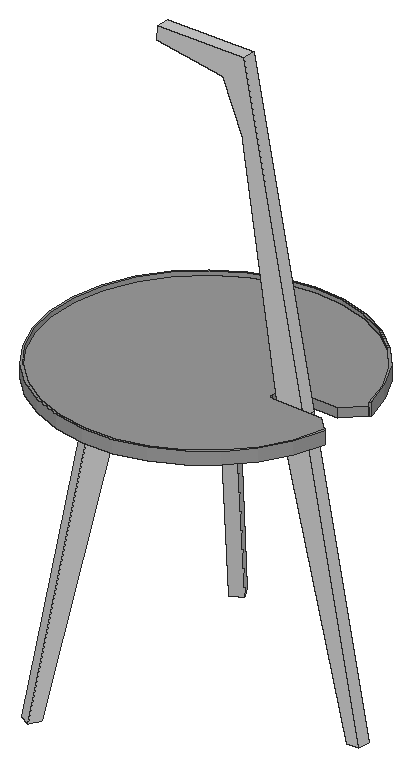
Revit family "Haworth_Cicognino_OccasionalTable_PRELIMINARY", category Furniture, Revit 2018
Family settings
  OmniClass Number = 23.40.70.14.64.21
  OmniClass Title = Systems Furniture
  Work Plane-Based = No
  Always vertical = Yes
  Cut with Voids When Loaded = No
  Shared = No
  Room Calculation Point = No
Parameters (values of type "Cicognino Occasional Table")
  Warranty = "http://www.haworth.com/resources/product-info/warranties"
  URL - Product = "https://www.haworth.com/na/en/products/side-occasional/cicognino.html"
  URL = "https://www.haworth.com/na/en/about/brands/haworth-collection.html"
  Top Finish [instance] = Haworth _ Wood _ Undecided _ Tables
  Top Edge Finish [instance] = Haworth _ Wood _ Undecided _ Tables
  Sustainability Info = "https://www.haworth.com/na/en/expertise/sustainability.html"
  Size = "Verify Final Dim. w/ Haworth"  # constant formula
  Revision Number = "1"  # constant formula
  Model = "HCCSCNTO"  # constant formula
  Manufacturer = "Haworth"  # constant formula
  Leg Finish [instance] = Haworth _ Paint _ Undecided _ Table
  Description = "Haworth - Cassina - Cicognino - Occasional Table"  # constant formula
  Author = "Haworth (Abd Rahman)"  # constant formula
  Assembly Code = "E2020200"
  Actual Width = 15.70"  # constant formula
  Actual Height = 31.50"  # constant formula
  Actual Depth = 16.10"  # constant formula
Reference planes (in)
  plane 1: z = 0
  plane 2 "Top": z = 31.5
  plane 3 "Left": x = -21.26989
  plane 4 "Right": x = -5.56989
  plane 5 "Center (Left/Right)": x = -13.41989
  plane 6 "Back": y = 5.59886
  plane 7 "Front": y = -10.50114
  plane 8 "Center (Front/Back)": y = -2.45114
  plane 9: z = 29.5
  plane 10: z = 29.47992
Forms (in)
  Extrusion 1, solid, material "Haworth _ Wood _ Undecided _ Tables" <- "Top Edge Finish"
    sketch origin (0, 0, 0) x (1, 0, 0) y (0, 1, 0)
      loop
        line (-5.62395, -3.97341) -> (-5.70696, -3.89005)
        arc (-5.70696, -3.89005) -> (-21.09139, -2.40133) -> (-5.70703, -0.91183) r 7.76427
        line (-5.70703, -0.91183) -> (-5.62396, -0.82884)
        arc (-5.62396, -0.82884) -> (-21.18848, -2.40114) -> (-5.62395, -3.97341) r 7.86167
    from 14.95408 to 15.61974
  Extrusion 2, solid, material "Haworth _ Wood _ Undecided _ Tables" <- "Top Finish"
    sketch origin (0, 0, 0) x (1, 0, 0) y (0, 1, 0)
      loop
        arc (-5.70763, -0.90877) -> (-21.09139, -2.40113) -> (-5.70763, -3.8935) r 7.76427
        line (-5.70763, -3.8935) -> (-6.64489, -2.95624) -> (-9.27405, -2.96012)
        arc (-9.27405, -2.96012) -> (-9.42305, -2.8986) -> (-9.4848, -2.74968) r 0.21044
        line (-9.4848, -2.74968) -> (-9.4848, -2.05275)
        arc (-9.4848, -2.05275) -> (-9.423, -1.90372) -> (-9.27388, -1.84214) r 0.21061
        line (-9.27388, -1.84214) -> (-6.64489, -1.84602) -> (-5.70763, -0.90877)
    from 14.95408 to 15.42685
  Blend 3, solid, material "Haworth _ Paint _ Undecided _ Table" <- "Leg Finish"
    base sketch origin (0, 0, 0) x (1, 0, 0) y (0, 1, 0)
      loop
        line (-17.01234, -9.87791) -> (-16.67992, -9.30214) -> (-17.25955, -8.9675) -> (-17.59196, -9.54326) -> (-17.01234, -9.87791)
    top sketch origin (0, 0, 0) x (1, 0, 0) y (0, 1, 0)
      loop
        line (-15.39256, -5.74954) -> (-16.08726, -6.9528) -> (-15.52128, -7.27957) -> (-14.82658, -6.07631) -> (-15.39256, -5.74954)
    from 0 to 14.95408
  Blend 4, solid, material "Haworth _ Paint _ Undecided _ Table" <- "Leg Finish"
    base sketch origin (0, -4.90229, 0) x (1, 0, 0) y (0, 1, 0)
      loop
        line (-17.01234, 9.87791) -> (-17.59196, 9.54326) -> (-17.25955, 8.9675) -> (-16.67992, 9.30214) -> (-17.01234, 9.87791)
    top sketch origin (0, -4.90229, 0) x (1, 0, 0) y (0, 1, 0)
      loop
        line (-15.39256, 5.74954) -> (-14.82658, 6.07631) -> (-15.52128, 7.27957) -> (-16.08726, 6.9528) -> (-15.39256, 5.74954)
    from 0 to 14.95408
  Extrusion 5, solid, material "Haworth _ Paint _ Undecided _ Table" <- "Leg Finish"
    sketch origin (0, -10.50114, 0) x (1, 0, 0) y (0, 0, 1)
      loop
        arc (-9.12772, 14.96838) -> (-9.1245, 14.95022) -> (-9.12045, 14.93224) r 0.40094
        line (-9.12045, 14.93224) -> (-5.39481, 0) -> (-4.73837, 0) -> (-7.71958, 14.9597) -> (-10.98462, 31.29962) -> (-15.62803, 31.19214) -> (-15.70664, 30.5283) -> (-12.14074, 30.02541)
        arc (-12.14074, 30.02541) -> (-12.12636, 30.01931) -> (-12.11694, 30.00684) r 0.03024
        line (-12.11694, 30.00684) -> (-11.04948, 27.37656)
        arc (-11.04948, 27.37656) -> (-11.02981, 27.31862) -> (-11.01701, 27.25878) r 0.52552
        line (-11.01701, 27.25878) -> (-9.12772, 14.96838)
    from -8.38265 to -7.72124
  Blend 6, solid, material "Haworth _ Paint _ Undecided _ Table" <- "Leg Finish"
    base sketch origin (0, 0, 0) x (1, 0, 0) y (0, 1, 0)
      loop
        line (-15.55647, -6.03343) -> (-14.99049, -6.36021) -> (-12.9237, -2.78043) -> (-13.48969, -2.45366) -> (-15.55647, -6.03343)
    top sketch origin (0, 0, 0) x (1, 0, 0) y (0, 1, 0)
      loop
        line (-13.49651, -2.44973) -> (-15.39938, -5.7456) -> (-14.82658, -6.07631) -> (-12.92279, -2.78096) -> (-13.49651, -2.44973)
    from 13.59055 to 14.95408
  Blend 7, solid, material "Haworth _ Paint _ Undecided _ Table" <- "Leg Finish"
    base sketch origin (0, -4.90229, 0) x (1, 0, 0) y (0, 1, 0)
      loop
        line (-15.55647, 6.03343) -> (-13.48969, 2.45366) -> (-12.9237, 2.78043) -> (-14.99049, 6.36021) -> (-15.55647, 6.03343)
    top sketch origin (0, -4.90229, 0) x (1, 0, 0) y (0, 1, 0)
      loop
        line (-13.49651, 2.44973) -> (-12.92279, 2.78096) -> (-14.82658, 6.07631) -> (-15.39938, 5.7456) -> (-13.49651, 2.44973)
    from 13.59055 to 14.95408
  Blend 8, solid, material "Haworth _ Paint _ Undecided _ Table" <- "Leg Finish"
    base sketch origin (-21.78528, -12.5853, 0) x (-0.5, -0.866025, 0) y (0.866025, -0.5, 0)
      loop
        line (-15.55647, 6.03343) -> (-13.48969, 2.45366) -> (-12.9237, 2.78043) -> (-14.99049, 6.36021) -> (-15.55647, 6.03343)
    top sketch origin (-21.78528, -12.5853, 0) x (-0.5, -0.866025, 0) y (0.866025, -0.5, 0)
      loop
        line (-13.49651, 2.44973) -> (-12.92279, 2.78096) -> (-14.82658, 6.07631) -> (-15.39938, 5.7456) -> (-13.49651, 2.44973)
    from 13.59055 to 14.95408
  Extrusion 9, solid, material "Haworth _ Paint _ Undecided _ Table" <- "Leg Finish"
    sketch origin (0, 0, 0) x (1, 0, 0) y (0, 1, 0)
      loop
        line (-13.49405, -2.45114) -> (-12.91551, -2.78517) -> (-12.91551, -2.11712) -> (-13.49405, -2.45114)
    from 13.59055 to 14.95408
Cuts and joins
  joined: Blend 6, Blend 7, Blend 8
Lines and regions (in)
  Masking region 1
    outline origin (0, 0, 0) x (1, 0, 0) y (0, 1, 0)
      loop
        arc (-5.62459, -0.82573) -> (-21.18848, -2.40113) -> (-5.62459, -3.97654) r 7.86167
        line (-5.62459, -3.97654) -> (-6.64489, -2.95624) -> (-9.27405, -2.96012)
        arc (-9.27405, -2.96012) -> (-9.42305, -2.8986) -> (-9.4848, -2.74968) r 0.21044
        line (-9.4848, -2.74968) -> (-9.4848, -2.05275)
        arc (-9.4848, -2.05275) -> (-9.423, -1.90372) -> (-9.27388, -1.84214) r 0.21061
        line (-9.27388, -1.84214) -> (-6.64489, -1.84602) -> (-5.62459, -0.82573)
  symbolic lines
    curve 1: arc (-5.70696, -3.89005, 0) -> (-21.09139, -2.40133, 0) -> (-5.70703, -0.91183, 0) r 7.76427
  symbolic lines, style "FurnitureHiddenLines"
    curve 2: line (-12.94138, -2.11849, 0) -> (-17.01234, 4.97562, 0)
    curve 3: line (-17.59196, 4.64098, 0) -> (-13.66566, -2.11849, 0)
    curve 4: line (-17.59196, 4.64098, 0) -> (-17.01234, 4.97562, 0)
    curve 5: line (-13.6634, -2.77991, 0) -> (-17.59196, -9.54326, 0)
    curve 6: line (-17.01234, -9.87791, 0) -> (-17.59196, -9.54326, 0)
    curve 7: line (-17.01234, -9.87791, 0) -> (-12.93914, -2.77991, 0)
    curve 8: line (-4.73837, -2.11849, 0) -> (-12.94138, -2.11849, 0)
    curve 9: line (-12.93914, -2.77991, 0) -> (-4.73837, -2.77991, 0)
    curve 10: line (-4.73837, -2.11849, 0) -> (-4.73837, -2.77991, 0)
    curve 11: line (-15.70664, -2.77991, 0) -> (-13.6634, -2.77991, 0)
    curve 12: line (-15.70664, -2.11849, 0) -> (-15.70664, -2.77991, 0)
    curve 13: line (-13.66566, -2.11849, 0) -> (-15.70664, -2.11849, 0)
Dimensions and locks (in)
  "Actual Height": plane 2 "Top" to plane 1
  "Actual Width": plane 3 "Left" to plane 4 "Right"
  equal spacing: plane 3 "Left", plane 5 "Center (Left/Right)", plane 4 "Right"
  "Actual Depth": plane 7 "Front" to plane 6 "Back"
  equal spacing: plane 7 "Front", plane 8 "Center (Front/Back)", plane 6 "Back"
  plane 2 "Top" to plane 9 to plane 10 = 2.00" locked, 0.02008" locked
Automatic sketch dimensions
  Extrusion 1 sketch curve to plane 5 "Center (Left/Right)" = 0.09277"
  Extrusion 1 sketch curve to Extrusion 1 sketch curve = 0.00033"
  plane 4 "Right" to Extrusion 1 sketch curve = 0.13714"
  plane 4 "Right" to Extrusion 1 sketch curve = 0.13706"
  plane 4 "Right" to Extrusion 1 sketch curve = 0.05406"  (x2)
  plane 8 "Center (Front/Back)" to Extrusion 1 sketch curve = 1.52227"
  Extrusion 1 sketch curve to Extrusion 1 sketch curve = 0.08336"
  Extrusion 1 sketch curve to plane 8 "Center (Front/Back)" = 0.05001"
  Extrusion 1 sketch curve to Extrusion 1 sketch curve = 0.00"
  Extrusion 2 sketch curve to plane 5 "Center (Left/Right)" = 0.09277"
  Extrusion 2 sketch curve to plane 8 "Center (Front/Back)" = 0.39839"
  Extrusion 2 sketch curve to Extrusion 2 sketch curve = 3.84233"
  Extrusion 2 sketch curve to Extrusion 2 sketch curve = 0.21044"
  Extrusion 2 sketch curve to Extrusion 2 sketch curve = 0.21061"
  plane 8 "Center (Front/Back)" to Extrusion 2 sketch curve = 0.50898"
  Extrusion 2 sketch curve to Extrusion 2 sketch curve = 0.00031"
  Extrusion 2 sketch curve to plane 8 "Center (Front/Back)" = 0.609"
  plane 4 "Right" to Extrusion 2 sketch curve = 1.07499"  (x2)
  plane 8 "Center (Front/Back)" to Extrusion 2 sketch curve = 0.5051"
  plane 4 "Right" to Extrusion 2 sketch curve = 0.13774"  (x2)
  Extrusion 2 sketch curve to Extrusion 2 sketch curve = 0.93725"
  Extrusion 2 sketch curve to plane 8 "Center (Front/Back)" = 0.05001"
  Extrusion 2 sketch curve to plane 8 "Center (Front/Back)" = 0.60512"
  Blend 3 sketch curve to plane 7 "Front" = 0.95788"
  plane 3 "Left" to Blend 3 sketch curve = 3.67793"
  Blend 3 sketch curve to plane 7 "Front" = 1.53364"
  Blend 3 sketch curve to Blend 3 sketch curve = 0.33242"  (x2)
  Blend 3 sketch curve to plane 7 "Front" = 0.62324"
  Blend 3 sketch curve to Blend 3 sketch curve = 0.57962"
  Blend 3 sketch curve to plane 7 "Front" = 1.199"
  plane 5 "Center (Left/Right)" to Blend 3 sketch curve = 2.66737"
  Blend 3 sketch curve to Blend 3 sketch curve = 0.56599"  (x2)
  Blend 3 sketch curve to Blend 3 sketch curve = 0.6947"
  Blend 3 sketch curve to plane 7 "Front" = 3.22158"
  Blend 3 sketch curve to Blend 3 sketch curve = 0.32677"  (x2)
  Blend 3 sketch curve to Blend 3 sketch curve = 1.20326"
  Blend 4 sketch curve to plane 6 "Back" = 0.95788"
  Blend 4 sketch curve to plane 3 "Left" = 3.67793"
  Blend 4 sketch curve to plane 6 "Back" = 1.53364"
  Blend 4 sketch curve to Blend 4 sketch curve = 0.33242"  (x2)
  Blend 4 sketch curve to plane 6 "Back" = 0.62324"
  Blend 4 sketch curve to Blend 4 sketch curve = 0.57962"
  Blend 4 sketch curve to plane 6 "Back" = 1.199"
  Blend 4 sketch curve to plane 5 "Center (Left/Right)" = 2.66737"
  Blend 4 sketch curve to Blend 4 sketch curve = 0.56599"  (x2)
  Blend 4 sketch curve to Blend 4 sketch curve = 0.6947"
  Blend 4 sketch curve to plane 6 "Back" = 3.22158"
  Blend 4 sketch curve to Blend 4 sketch curve = 0.32677"  (x2)
  Blend 4 sketch curve to Blend 4 sketch curve = 1.20326"
  Extrusion 5 sketch curve to level = 0.00"
  Extrusion 5 sketch curve to plane 2 "Top" = 0.9717"
  plane 5 "Center (Left/Right)" to Extrusion 5 sketch curve = 2.28675"
  Extrusion 5 sketch curve to plane 2 "Top" = 0.30786"
  Extrusion 5 sketch curve to Extrusion 5 sketch curve = 0.07861"
  Extrusion 5 sketch curve to plane 9 = 0.49547"
  Extrusion 5 sketch curve to plane 5 "Center (Left/Right)" = 1.27493"
  Extrusion 5 sketch curve to plane 9 = 0.52541"
  Extrusion 5 sketch curve to Extrusion 5 sketch curve = 0.00422"
  Extrusion 5 sketch curve to plane 9 = 0.50684"
  Extrusion 5 sketch curve to plane 5 "Center (Left/Right)" = 1.88347"
  Extrusion 5 sketch curve to Extrusion 5 sketch curve = 0.48694"
  Extrusion 5 sketch curve to Extrusion 5 sketch curve = 0.03247"
  Extrusion 5 sketch curve to plane 2 "Top" = 0.20038"
  Extrusion 5 sketch curve to Extrusion 5 sketch curve = 1.13232"
  plane 4 "Right" to Extrusion 5 sketch curve = 3.55783"
  Extrusion 5 sketch curve to Extrusion 5 sketch curve = 0.00727"
  Extrusion 5 sketch curve to Extrusion 5 sketch curve = 0.38901"
  Extrusion 5 sketch curve to plane 4 "Right" = 0.17508"
  Extrusion 5 sketch curve to Extrusion 5 sketch curve = 0.65644"
  plane 10 to Extrusion 5 sketch curve = 14.54769"
  Extrusion 5 sketch curve to Extrusion 5 sketch curve = 0.03614"
  plane 10 to Extrusion 5 sketch curve = 2.30098"
  Extrusion 5 sketch curve to Extrusion 5 sketch curve = 0.07985"
  Extrusion 5 sketch curve to Extrusion 5 sketch curve = 1.01186"
  Extrusion 5 sketch curve to Extrusion 5 sketch curve = 0.00"  (x2)
  Extrusion 5 sketch curve to Extrusion 5 sketch curve = 0.06959"
  plane 5 "Center (Left/Right)" to Blend 6 sketch curve = 2.13658"
  Blend 6 sketch curve to Blend 6 sketch curve = 0.56599"
  plane 8 "Center (Front/Back)" to Blend 6 sketch curve = 0.00252"
  plane 5 "Center (Left/Right)" to Blend 6 sketch curve = 0.0698"
  Blend 6 sketch curve to plane 5 "Center (Left/Right)" = 0.49619"
  plane 8 "Center (Front/Back)" to Blend 6 sketch curve = 0.32929"
  plane 8 "Center (Front/Back)" to Blend 6 sketch curve = 3.58229"
  Blend 6 sketch curve to Blend 6 sketch curve = 0.32677"
  plane 5 "Center (Left/Right)" to Blend 6 sketch curve = 1.97949"
  Blend 6 sketch curve to Blend 6 sketch curve = 0.5728"
  Blend 6 sketch curve to plane 8 "Center (Front/Back)" = 0.00142"
  plane 5 "Center (Left/Right)" to Blend 6 sketch curve = 0.07662"
  Blend 6 sketch curve to plane 5 "Center (Left/Right)" = 0.4971"
  plane 8 "Center (Front/Back)" to Blend 6 sketch curve = 0.32982"
  plane 8 "Center (Front/Back)" to Blend 6 sketch curve = 3.29446"
  Blend 6 sketch curve to Blend 6 sketch curve = 0.33071"
  Blend 7 sketch curve to plane 5 "Center (Left/Right)" = 2.13658"
  Blend 7 sketch curve to Blend 7 sketch curve = 0.56599"
  plane 8 "Center (Front/Back)" to Blend 7 sketch curve = 0.00252"
  Blend 7 sketch curve to plane 5 "Center (Left/Right)" = 0.0698"
  plane 5 "Center (Left/Right)" to Blend 7 sketch curve = 0.49619"
  plane 8 "Center (Front/Back)" to Blend 7 sketch curve = 0.32929"
  plane 8 "Center (Front/Back)" to Blend 7 sketch curve = 3.58229"
  Blend 7 sketch curve to Blend 7 sketch curve = 0.32677"
  Blend 7 sketch curve to plane 5 "Center (Left/Right)" = 1.97949"
  Blend 7 sketch curve to Blend 7 sketch curve = 0.5728"
  Blend 7 sketch curve to plane 8 "Center (Front/Back)" = 0.00142"
  Blend 7 sketch curve to plane 5 "Center (Left/Right)" = 0.07662"
  plane 5 "Center (Left/Right)" to Blend 7 sketch curve = 0.4971"
  plane 8 "Center (Front/Back)" to Blend 7 sketch curve = 0.32982"
  plane 8 "Center (Front/Back)" to Blend 7 sketch curve = 3.29446"
  Blend 7 sketch curve to Blend 7 sketch curve = 0.33071"
  Blend 8 sketch curve to plane 4 "Right" = 3.21205"
  plane 7 "Front" to Blend 8 sketch curve = 8.37142"
  Blend 8 sketch curve to Blend 8 sketch curve = 0.56599"  (x2)
  Blend 8 sketch curve to Blend 8 sketch curve = 2.06678"
  Blend 8 sketch curve to Blend 8 sketch curve = 0.32677"  (x2)
  Blend 8 sketch curve to Blend 8 sketch curve = 3.57977"
  Blend 8 sketch curve to plane 4 "Right" = 3.53986"
  plane 7 "Front" to Blend 8 sketch curve = 8.37929"
  Blend 8 sketch curve to Blend 8 sketch curve = 0.5728"
  Blend 8 sketch curve to Blend 8 sketch curve = 1.90288"
  Blend 8 sketch curve to Blend 8 sketch curve = 0.57372"
  Blend 8 sketch curve to Blend 8 sketch curve = 0.33071"
  Blend 8 sketch curve to Blend 8 sketch curve = 3.29535"
  Blend 8 sketch curve to Blend 8 sketch curve = 0.33124"
  Extrusion 9 sketch curve to plane 5 "Center (Left/Right)" = 0.50439"  (x2)
  Extrusion 9 sketch curve to plane 8 "Center (Front/Back)" = 0.33402"
  plane 8 "Center (Front/Back)" to Extrusion 9 sketch curve = 0.00"
  plane 5 "Center (Left/Right)" to Extrusion 9 sketch curve = 0.07416"
  plane 8 "Center (Front/Back)" to Extrusion 9 sketch curve = 0.33402"
  Masking region 1 sketch curve to plane 5 "Center (Left/Right)" = 0.09309"
  plane 4 "Right" to Masking region 1 sketch curve = 0.0547"  (x2)
  Masking region 1 sketch curve to plane 8 "Center (Front/Back)" = 0.05001"
  Masking region 1 sketch curve to plane 8 "Center (Front/Back)" = 1.62542"
  plane 4 "Right" to Masking region 1 sketch curve = 1.07499"  (x2)
  Masking region 1 sketch curve to plane 8 "Center (Front/Back)" = 0.60512"
  Masking region 1 sketch curve to plane 8 "Center (Front/Back)" = 0.609"
  Masking region 1 sketch curve to Masking region 1 sketch curve = 2.62899"
  Masking region 1 sketch curve to Masking region 1 sketch curve = 0.00031"  (x2)
  Masking region 1 sketch curve to Masking region 1 sketch curve = 0.21061"
  plane 8 "Center (Front/Back)" to Masking region 1 sketch curve = 0.29854"
  Masking region 1 sketch curve to Masking region 1 sketch curve = 0.21044"
  plane 8 "Center (Front/Back)" to Masking region 1 sketch curve = 0.5051"
  plane 6 "Back" to curve 4 = 0.95788"
  plane 3 "Left" to curve 4 = 3.67793"
  plane 6 "Back" to curve 2 = 0.62324"
  curve 3 to curve 2 = 0.57962"
  curve 1 to plane 5 "Center (Left/Right)" = 0.09277"
  curve 1 to plane 8 "Center (Front/Back)" = 0.05001"
  plane 5 "Center (Left/Right)" to curve 3 = 0.24577"
  plane 4 "Right" to curve 1 = 0.13714"
  plane 4 "Right" to curve 1 = 0.13706"
  curve 2 to curve 3 = 0.00"
  curve 1 to plane 8 "Center (Front/Back)" = 1.53931"
  curve 5 to plane 7 "Front" = 0.95788"
  plane 3 "Left" to curve 5 = 3.67793"
  curve 6 to plane 7 "Front" = 0.62324"
  curve 5 to curve 6 = 0.57962"
  plane 5 "Center (Left/Right)" to curve 5 = 0.24351"
  curve 5 to curve 5 = 6.76336"
  plane 8 "Center (Front/Back)" to curve 9 = 0.32876"
  curve 9 to plane 4 "Right" = 0.83152"
  curve 10 to plane 8 "Center (Front/Back)" = 0.33265"
  curve 8 to plane 5 "Center (Left/Right)" = 0.47852"
  curve 8 to curve 9 = 0.00223"
  curve 11 to curve 8 = 2.76527"
